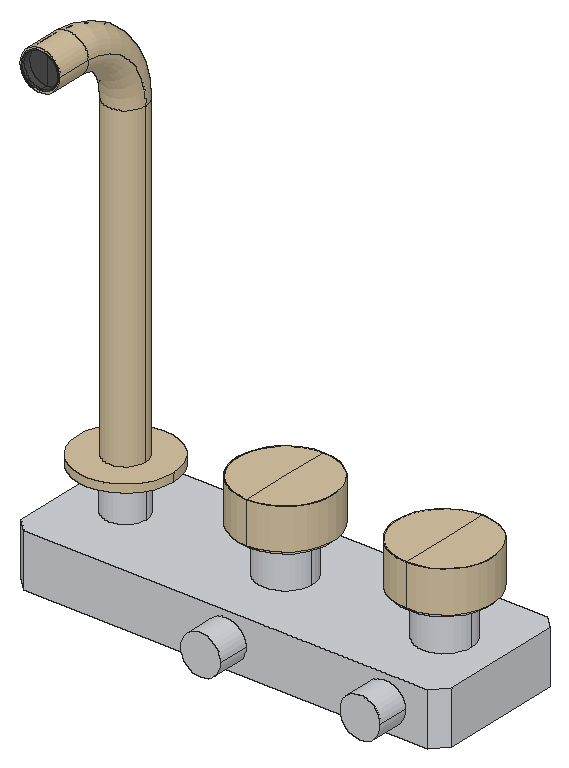
Revit family "Reece_Tap_Milli_Pure_Basin Tap Hostess System_250 mm_Linear Texture", category Plumbing Fixtures, host Face, Revit 2018
Family settings
  Host = Face
  Round Connector Dimension = Use Diameter
  Part Type = Normal
  Cut with Voids When Loaded = No
  Shared = Yes
  Room Calculation Point = Yes
Parameters (values of type "PVD Brushed Gold")
  WFU = 0  # constant formula
  URL = "https://www.reece.com.au/product/-9510880"
  Type Comments = "Tap"
  Reece_Tap_Reach = 250 mm  # constant formula
  Reece_Tap_Inlet = 15 mm  # constant formula
  Reece_Product_Web Page = "https://www.reece.com.au/product/-9510880"
  Reece_Product_Type = "Tap"  # constant formula
  Reece_Product_Sub Brand = "Pure"  # constant formula
  Reece_Product_Number = "9510880"
  Reece_Product_Mount = "Wall Mounted"
  Reece_Product_Description = "Milli Pure Wall Basin Hostess System 250mm Right Hand with Linear Textured Handles PVD Brushed Gold (3 Star)"
  Reece_Product_Brand = "Milli"  # constant formula
  Reece_Overall_Length = 262.5 mm  # constant formula
  Reece_Material_Secondary = Reece_PVD_Brushed Gold_Linear Pattern
  Reece_Material_Main = Reece_PVD_Brushed Gold
  Reece_Detail_Tap_Handle Texture = "Linear Texture\r\n"  # constant formula
  Reece_Detail_Installation = ""
  Reece_Detail_Disclaimer = "THIS FILE IS THE PROPERTY OF THE REECE GROUP. IT MAY NOT BE REPRODUCED, REVERSE-ENGINEERED OR MODIFIED. ANY REPUBLICATION, TRANSMISSION OR DISTRIBUTION FOR THE PURPOSE OF COMMERCIALLY EXPLOITING THE FILES IS PROHIBITED."  # constant formula
  Reece_Detail_Connector = ""
  Reece_Detail_Additional = "Basin Tap Hostess System\r\n"  # constant formula
  Reece_3D Texture = no
  Reece_3D Simplified Geometry = not(Reece_3D Texture)  # yes
  Model = "Pure"
  Manufacturer = "Milli"
  Keynote = "Product #9510880, Reece_Tap_Milli_Pure_Basin Tap Hostess System_250 mm_Linear Texture - PVD Brushed Gold"
  HWFU = 0  # constant formula
  Disclaimer = "THIS FILE IS THE PROPERTY OF THE REECE GROUP. IT MAY NOT BE REPRODUCED, REVERSE-ENGINEERED OR MODIFIED. ANY REPUBLICATION, TRANSMISSION OR DISTRIBUTION FOR THE PURPOSE OF COMMERCIALLY EXPLOITING THE FILES IS PROHIBITED."  # constant formula
  Description = "Milli Pure Wall Basin Hostess System 250mm Right Hand with Linear Textured Handles PVD Brushed Gold (3 Star)"
  Default Elevation = 1000 mm
  CWFU = 0  # constant formula
Types (6, lengths in mm): name | URL | Reece_Product_Web Page | Reece_Product_Number | Reece_Product_Description | Reece_Material_Secondary | Reece_Material_Main | Keynote | Description
  Brushed Gunmetal | "https://www.reece.com.au/product/-2224876" | "https://www.reece.com.au/product/-2224876" | "2224876" | "Milli Pure Wall Basin Hostess System 250mm Right Hand with Linear Textured Handles Brushed Gunmetal (3 Star)" | Reece_Brass_Brushed Gunmetal_Linear Pattern | Reece_Brass_Brushed Gunmetal | "Product #2224876, Reece_Tap_Milli_Pure_Basin Tap Hostess System_250 mm_Linear Texture - Brushed Gunmetal" | "Milli Pure Progressive Wall Basin Mixer Tap System 250mm with Linear Textured Handle Brushed Gunmetal (3 star)"
  Chrome | "https://www.reece.com.au/product/-2224874" | "https://www.reece.com.au/product/-2224874" | "2224874" | "Milli Pure Wall Basin Hostess System 250mm Right Hand with Linear Textured Handles Chrome (3 Star)" | Reece_Brass_Chrome_Linear Pattern | Reece_Brass_Chrome | "Product #2224874, Reece_Tap_Milli_Pure_Basin Tap Hostess System_250 mm_Linear Texture - Chrome" | "Milli Pure Progressive Wall Basin Mixer Tap System 250mm with Linear Textured Handle Chrome (3 star)"
  Matte Black | "https://www.reece.com.au/product/-2224877" | "https://www.reece.com.au/product/-2224877" | "2224877" | "Milli Pure Wall Basin Hostess System 250mm Right Hand with Linear Textured Handles Matte Black (3 Star)" | Reece_Brass_Matte Black_Linear Pattern | Reece_Brass_Matte Black | "Product #2224877, Reece_Tap_Milli_Pure_Basin Tap Hostess System_250 mm_Linear Texture - Matte Black" | "Milli Pure Progressive Wall Basin Mixer Tap System 250mm with Linear Textured Handle Matte Black (3 star)"
  Brushed Nickel | "https://www.reece.com.au/product/-2224875" | "https://www.reece.com.au/product/-2224875" | "2224875" | "Milli Pure Wall Basin Hostess System 250mm Right Hand with Linear Textured Handles Brushed Nickel (3 Star)" | Reece_Brass_Brushed Nickel_Linear Pattern | Reece_Brass_Brushed Nickel | "Product #2224875, Reece_Tap_Milli_Pure_Basin Tap Hostess System_250 mm_Linear Texture - Brushed Nickel" | "Milli Pure Progressive Wall Basin Mixer Tap System 250mm with Linear Textured Handle Brushed Nickel (3 star)"
  PVD Brushed Bronze | "https://www.reece.com.au/product/-9511065" | "https://www.reece.com.au/product/-9511065" | "9511065" | "Milli Pure Wall Basin Hostess System 250mm Right Hand with Linear Textured Handles PVD Brushed Bronze (3 Star)" | Reece_PVD_Brushed Bronze_Linear Pattern | Reece_PVD_Brushed Bronze | "Product #9511065, Reece_Tap_Milli_Pure_Basin Tap Hostess System_250 mm_Linear Texture - PVD Brushed Bronze" | "Milli Pure Wall Basin Hostess System 250mm Right Hand with Linear Textured Handles PVD Brushed Bronze (3 Star)"
  PVD Brushed Gold | "https://www.reece.com.au/product/-9510880" | "https://www.reece.com.au/product/-9510880" | "9510880" | "Milli Pure Wall Basin Hostess System 250mm Right Hand with Linear Textured Handles PVD Brushed Gold (3 Star)" | Reece_PVD_Brushed Gold_Linear Pattern | Reece_PVD_Brushed Gold | "Product #9510880, Reece_Tap_Milli_Pure_Basin Tap Hostess System_250 mm_Linear Texture - PVD Brushed Gold" | "Milli Pure Wall Basin Hostess System 250mm Right Hand with Linear Textured Handles PVD Brushed Gold (3 Star)"
Reference planes
  plane 1 "Center (Front/Back)": y = 0
  plane 2 "Bottom": z = 0
  plane 3 "Center (Left/Right)": x = 0
  plane 4 "Top": z = 262.5
  plane 5: z = 250
  plane 6: y = -67
  plane 7: x = -100
  plane 8: x = 100
Forms (mm)
  Extrusion 1, solid, material "Reece_PVD_Brushed Gold" <- "Reece_Material_Main"
    sketch origin (-50, 0, 0) x (1, 0, 0) y (0, 1, 0)
      loop
        circle (-50, 0) r 30
    from 0 to 5
  Sweep 2, solid, material "Reece_PVD_Brushed Gold" <- "Reece_Material_Main"
    path origin (0, 0, 0) x (0, 1, 0) y (0, 0, 1)
      loop
        line (-67, 250) -> (-45, 250)
        arc (-45, 250) -> (-13.18, 236.82) -> (0, 205) r 45
        line (0, 205) -> (0, 0)
    profile origin (0, 0, 102.5) x (1, 0, 0) y (0, 1, 0)
      loop
        circle (-100, 0) r 12.5
      loop
        circle (-100, 0) r 11.5
  Revolve 3, solid, material "Reece_Brass_Matte Black"
    sketch origin (-100, -183.21, 118.488) x (0, 0.572951, -0.81959) y (0, 0.81959, 0.572951)
      loop
        line (-38.39, 174.619) -> (-37.119, 176.437) -> (-46.38, 182.911) -> (-50.465, 177.068) -> (-49.461, 177.508) -> (-47.184, 180.766) -> (-38.39, 174.619)
      axis (-37.119, 176.437) -> (-41.203, 170.594)
    angle from 0 to 360
  Extrusion 4, solid
    sketch origin (-50, 0, 0) x (1, 0, 0) y (0, 1, 0)
      loop
        circle (50, 0) r 17
    from 0 to -27
  Extrusion 5, solid
    sketch origin (0, 0, 0) x (1, 0, 0) y (0, 1, 0)
      loop
        line (-126.853, 46.5) -> (-135, 38.353) -> (-135, -38.353) -> (-126.853, -46.5) -> (126.853, -46.5) -> (135, -38.353) -> (135, 38.353) -> (126.853, 46.5) -> (-126.853, 46.5)
    from -60 to -27
  Extrusion 6, solid
    sketch origin (-150, 0, 0) x (1, 0, 0) y (0, 1, 0)
      loop
        circle (50, 0) r 13
    from 0 to -27
  Extrusion 7, solid
    sketch origin (50, 0, -3.5) x (-1, 0, 0) y (0, 0, 1)
      loop
        circle (50, -40) r 12.5
    from -66.119 to -46.5
  Extrusion 8, solid
    sketch origin (150, 0, -3.5) x (-1, 0, 0) y (0, 0, 1)
      loop
        circle (50, -40) r 12.5
    from -66.119 to -46.5
  Extrusion 9, void
    sketch origin (-150, 0, 0) x (1, 0, 0) y (0, 1, 0)
      loop
        circle (50, 0) r 17
    from 0 to -30
  Extrusion 10, void
    sketch origin (50, 0, 0) x (-1, 0, 0) y (0, -1, 0)
      loop
        circle (50, 0) r 20
    from 0 to -27
  Extrusion 11, void
    sketch origin (150, 0, 0) x (-1, 0, 0) y (0, -1, 0)
      loop
        circle (50, 0) r 20
    from 0 to -27
  Extrusion 12, solid
    sketch origin (50, 0, 0) x (1, 0, 0) y (0, 1, 0)
      loop
        circle (50, 0) r 17
    from 0 to -27
Cuts and joins
  Extrusion 10 cuts Extrusion 1
  Extrusion 10 cuts Sweep 2
  joined: Extrusion 1, Sweep 2
  Extrusion 11 cuts Extrusion 4
  Extrusion 11 cuts Extrusion 5
  Extrusion 10, Extrusion 11 cuts Extrusion 6
  Extrusion 10, Extrusion 11 cuts Extrusion 7
  Extrusion 10, Extrusion 11 cuts Extrusion 8
  joined: Extrusion 4, Extrusion 5, Extrusion 6, Extrusion 7, Extrusion 8, Extrusion 12
Text (mm)
  text "Reece Copyright © 2018, Reece Ltd." at (-1199.434, -252.958, 0), in view "Ref. Level"
  text "Reece ©" at (44.384, 258.95, 192.345), in view "Reece Preview"
Dimensions and locks
  "Reece_Tap_Reach": plane 5 to plane 2 "Bottom"
  plane 1 "Center (Front/Back)" to plane 6 = 67 mm
  locked: plane 4 "Top" to plane 5 at 12.5
  "Reece_Overall_Length": plane 4 "Top" to plane 2 "Bottom"
  plane 7 to plane 3 "Center (Left/Right)" to plane 8 = 100 mm, 100 mm
  aligned and locked: plane 2 "Bottom" to host face
  aligned and locked: level to host face
  aligned and locked: host face to Extrusion 9
Automatic sketch dimensions
  host sketch curve to host sketch curve = 380.785 mm
  host sketch curve to host sketch curve = 317.421 mm
  plane 1 "Center (Front/Back)" to Extrusion 1 sketch curve = 0 mm
  Extrusion 1 sketch curve to plane 7 = 0 mm
  Sweep 2 sketch curve to plane 5 = 0 mm
  Sweep 2 sketch curve to plane 6 = 0 mm
  level to Sweep 2 sketch curve = 0 mm
  Sweep 2 sketch curve to plane 1 "Center (Front/Back)" = 0 mm
  Sweep 2 sketch curve to plane 6 = 22 mm
  Sweep 2 sketch curve to Sweep 2 sketch curve = 0 mm  (x2)
  profile plane to Sweep 2 sketch curve = 0 mm
  Sweep 2 sketch curve to plane 3 "Center (Left/Right)" = 100 mm
  Revolve 3 sketch curve to plane 5 = 0 mm  (x4)
  Revolve 3 sketch curve to plane 6 = 0 mm
  Revolve 3 sketch curve to plane 4 "Top" = 1.2 mm
  Revolve 3 sketch curve to Revolve 3 sketch curve = 1.003 mm
  Revolve 3 sketch curve to Revolve 3 sketch curve = 2.278 mm
  Revolve 3 sketch curve to Revolve 3 sketch curve = 0.803 mm
  Revolve 3 sketch curve to Revolve 3 sketch curve = 1.271 mm
  Revolve 3 sketch curve to Revolve 3 sketch curve = 17.422 mm
  Revolve 3 sketch curve to Revolve 3 sketch curve = 3.892 mm
  Extrusion 4 sketch curve to Extrusion 4 sketch curve = 0 mm  (x2)
  plane 1 "Center (Front/Back)" to Extrusion 4 sketch curve = 0 mm
  Extrusion 4 sketch curve to plane 3 "Center (Left/Right)" = 0 mm
  Extrusion 4 sketch curve to Extrusion 4 sketch curve = 17 mm
  Extrusion 5 sketch curve to plane 7 = 35 mm
  Extrusion 5 sketch curve to Extrusion 5 sketch curve = 8.147 mm  (x6)
  Extrusion 5 sketch curve to plane 8 = 26.853 mm  (x2)
  Extrusion 5 sketch curve to plane 6 = 20.5 mm
  Extrusion 5 sketch curve to plane 1 "Center (Front/Back)" = 38.353 mm  (x2)
  Extrusion 6 sketch curve to Extrusion 6 sketch curve = 0 mm  (x2)
  plane 1 "Center (Front/Back)" to Extrusion 6 sketch curve = 0 mm
  Extrusion 6 sketch curve to plane 7 = 0 mm
  Extrusion 6 sketch curve to Extrusion 6 sketch curve = 13 mm
  Extrusion 7 sketch curve to plane 3 "Center (Left/Right)" = 0 mm
  Extrusion 7 sketch curve to level = 43.5 mm
  Extrusion 8 sketch curve to plane 8 = 0 mm
  Extrusion 8 sketch curve to level = 43.5 mm
  Extrusion 9 sketch curve to Extrusion 9 sketch curve = 0 mm  (x2)
  plane 1 "Center (Front/Back)" to Extrusion 9 sketch curve = 0 mm
  Extrusion 9 sketch curve to plane 7 = 0 mm
  Extrusion 9 sketch curve to Extrusion 9 sketch curve = 17 mm
  Extrusion 10 sketch curve to Extrusion 10 sketch curve = 0 mm  (x2)
  plane 1 "Center (Front/Back)" to Extrusion 10 sketch curve = 0 mm
  Extrusion 10 sketch curve to plane 3 "Center (Left/Right)" = 0 mm
  Extrusion 10 sketch curve to Extrusion 10 sketch curve = 20 mm
  Extrusion 11 sketch curve to Extrusion 11 sketch curve = 0 mm  (x2)
  plane 1 "Center (Front/Back)" to Extrusion 11 sketch curve = 0 mm
  Extrusion 11 sketch curve to plane 8 = 0 mm
  Extrusion 11 sketch curve to Extrusion 11 sketch curve = 20 mm
  Extrusion 12 sketch curve to Extrusion 12 sketch curve = 0 mm  (x2)
  plane 1 "Center (Front/Back)" to Extrusion 12 sketch curve = 0 mm
  Extrusion 12 sketch curve to plane 8 = 0 mm
  Extrusion 12 sketch curve to Extrusion 12 sketch curve = 17 mm
  radius of Extrusion 1 sketch curve = 30 mm
  radius of Sweep 2 sketch curve = 12.5 mm
  radius of Sweep 2 sketch curve = 11.5 mm
  radius of Extrusion 7 sketch curve = 12.5 mm
  radius of Extrusion 8 sketch curve = 12.5 mm
Nested families
  nested 1: "Reece_Tap_Milli_Pure_Cap_Linear Texture_60mm x 28mm_3D" at (0, 0, 0), visible <- "Reece_3D Texture", Reece_Material_Main <- "Reece_Material_Main", Reece_Material_Secondary <- "Reece_Material_Secondary", type "60mm x 28mm"
    with Reece_Material_Secondary Reece_PVD_Brushed Gold_Linear Pattern, Reece_Material_Main Reece_PVD_Brushed Gold
  nested 2: "Reece_Tap_Milli_Pure_Cap_Main_2D" at (0, 0, 0), visible <- "Reece_3D Simplified Geometry", Reece_Material_Main <- "Reece_Material_Main", Reece_Material_Secondary <- "Reece_Material_Secondary", type "60mm x 28mm"
    with Reece_Material_Secondary Reece_PVD_Brushed Gold_Linear Pattern, Reece_Material_Main Reece_PVD_Brushed Gold
  nested 3: "Reece_Tap_Milli_Pure_Cap_Linear Texture_60mm x 28mm_3D" at (100, 0, 0), visible <- "Reece_3D Texture", Reece_Material_Main <- "Reece_Material_Main", Reece_Material_Secondary <- "Reece_Material_Secondary", type "60mm x 28mm"
    with Reece_Material_Secondary Reece_PVD_Brushed Gold_Linear Pattern, Reece_Material_Main Reece_PVD_Brushed Gold
  nested 4: "Reece_Tap_Milli_Pure_Cap_Main_2D" at (100, 0, 0), visible <- "Reece_3D Simplified Geometry", Reece_Material_Main <- "Reece_Material_Main", Reece_Material_Secondary <- "Reece_Material_Secondary", type "60mm x 28mm"
    with Reece_Material_Secondary Reece_PVD_Brushed Gold_Linear Pattern, Reece_Material_Main Reece_PVD_Brushed Gold
Connectors
  piping at (0, -66.119, -43.5), diameter 15, driven by "Reece_Tap_Inlet"
    settings: on cut or joined group 1 (Extrusion 4, Extrusion 5, Extrusion 6, Extrusion 7, Extrusion 8, Extrusion 10, Extrusion 11, Extrusion 12), index 1, connector inside diameter 609.6 mm, connector length 0 mm, flow factor 0, pipe flow 0.0 L/s, pressure drop 0.0 Pa, fitting loss kfactor 0, connector angle 0.00°, fixture units 0, engagement length 0 mm, angle of deflection 0.00°, flow configuration 0, flow direction 1, fitting loss method 0, system type 29, joint type 0, gender type 0, connector reference index -1, connector utility 0, adjustable connector no, is connector primary yes, connector description ""
  piping at (100, -66.119, -43.5), diameter 15, driven by "Reece_Tap_Inlet"
    settings: on cut or joined group 1, index 2, connector inside diameter 609.6 mm, connector length 0 mm, flow factor 0, pipe flow 0.0 L/s, pressure drop 0.0 Pa, fitting loss kfactor 0, connector angle 0.00°, fixture units 0, engagement length 0 mm, angle of deflection 0.00°, flow configuration 0, flow direction 1, fitting loss method 0, system type 29, joint type 0, gender type 0, connector reference index -1, connector utility 0, adjustable connector no, is connector primary no, connector description ""
Definition of nested family "Reece_Tap_Milli_Pure_Cap_Linear Texture_60mm x 28mm_3D"
  Parameters (values of type "60mm x 28mm")
    WFU = 0  # constant formula
    Reece_Tap_Inlet = 0 mm
    Reece_Overall_Length = 60 mm
    Reece_Overall_Height = 28 mm
    Reece_Material_Secondary [instance] = none
    Reece_Material_Main [instance] = none
    Reece_Detail_Installation = ""
    Reece_Detail_Connector = ""
    Reece_Detail_Additional = ""
    HWFU = 0  # constant formula
    Default Elevation = 1000 mm
    CWFU = 0  # constant formula
  Reference planes
    plane 1 "Center (Front/Back)": y = 0
    plane 2 "Bottom": z = 0
    plane 3 "Center (Left/Right)": x = 0
    plane 4: z = 28
    plane 5: y = -30
    plane 6: y = 30
  Forms (mm)
    Extrusion 1, solid
      sketch origin (619.2, -619.2, 0) x (1, 0, 0) y (0, 1, 0)
        loop
          line (-809.2, 779.2) -> (-809.2, 461.779) -> (-428.415, 461.779) -> (-428.415, 779.2) -> (-809.2, 779.2)
      from 0 to -9.564
    Revolve 2, solid, material <- "Reece_Material_Main"
      sketch origin (0, 0, -140.292) x (0, 1, 0) y (0, 0, 1)
        loop
          line (0, 148.292) -> (-30, 148.292) -> (-30, 142.292) -> (-27.915, 142.292) -> (-27.915, 140.292) -> (-25.915, 140.292) -> (-25.915, 144.803) -> (0, 144.803) -> (0, 148.292)
        axis (0, 140.292) -> (0, 148.292)
      angle from 0 to 360
    Extrusion 3, solid, material <- "Reece_Material_Main"
      sketch origin (300, 0, 0) x (1, 0, 0) y (0, 1, 0)
        loop
          arc (-296.155, 28.799) -> (-297.018, 29.853) -> (-298.073, 28.991) r 0.964
          arc (-298.073, 28.991) -> (-298.726, 29.95) -> (-299.664, 29.266) r 0.808
          arc (-299.664, 29.266) -> (-300.6, 29.978) -> (-301.291, 29.026) r 0.823
          arc (-301.291, 29.026) -> (-302.327, 29.911) -> (-303.213, 28.877) r 0.964
          arc (-303.213, 28.877) -> (-304.305, 29.691) -> (-305.121, 28.6) r 0.964
          arc (-305.121, 28.6) -> (-306.265, 29.34) -> (-307.007, 28.197) r 0.964
          arc (-307.007, 28.197) -> (-308.197, 28.86) -> (-308.861, 27.671) r 0.964
          arc (-308.861, 27.671) -> (-310.093, 28.253) -> (-310.677, 27.022) r 0.964
          arc (-310.677, 27.022) -> (-311.945, 27.522) -> (-312.445, 26.254) r 0.964
          arc (-312.445, 26.254) -> (-313.743, 26.669) -> (-314.159, 25.371) r 0.964
          arc (-314.159, 25.371) -> (-315.482, 25.699) -> (-315.811, 24.376) r 0.964
          arc (-315.811, 24.376) -> (-317.152, 24.615) -> (-317.393, 23.274) r 0.964
          arc (-317.393, 23.274) -> (-318.747, 23.423) -> (-318.898, 22.069) r 0.964
          arc (-318.898, 22.069) -> (-320.259, 22.129) -> (-320.32, 20.767) r 0.964
          arc (-320.32, 20.767) -> (-321.682, 20.736) -> (-321.652, 19.374) r 0.964
          arc (-321.652, 19.374) -> (-323.01, 19.253) -> (-322.89, 17.895) r 0.964
          arc (-322.89, 17.895) -> (-324.236, 17.684) -> (-324.026, 16.338) r 0.964
          arc (-324.026, 16.338) -> (-325.355, 16.038) -> (-325.057, 14.708) r 0.964
          arc (-325.057, 14.708) -> (-326.363, 14.321) -> (-325.977, 13.014) r 0.964
          arc (-325.977, 13.014) -> (-327.255, 12.541) -> (-326.783, 11.263) r 0.964
          arc (-326.783, 11.263) -> (-328.027, 10.706) -> (-327.471, 9.462) r 0.964
          arc (-327.471, 9.462) -> (-328.675, 8.824) -> (-328.038, 7.619) r 0.964
          arc (-328.038, 7.619) -> (-329.197, 6.902) -> (-328.482, 5.743) r 0.964
          arc (-328.482, 5.743) -> (-329.59, 4.951) -> (-328.8, 3.841) r 0.964
          arc (-328.8, 3.841) -> (-329.854, 2.978) -> (-328.991, 1.923) r 0.964
          arc (-328.991, 1.923) -> (-329.985, 0.991) -> (-329.055, -0.004) r 0.964
          arc (-329.055, -0.004) -> (-329.985, -1) -> (-328.991, -1.931) r 0.964
          arc (-328.991, -1.931) -> (-329.853, -2.986) -> (-328.799, -3.85) r 0.964
          arc (-328.799, -3.85) -> (-329.589, -4.96) -> (-328.48, -5.751) r 0.964
          arc (-328.48, -5.751) -> (-329.195, -6.911) -> (-328.036, -7.627) r 0.964
          arc (-328.036, -7.627) -> (-328.672, -8.832) -> (-327.468, -9.47) r 0.964
          arc (-327.468, -9.47) -> (-328.023, -10.714) -> (-326.78, -11.271) r 0.964
          arc (-326.78, -11.271) -> (-327.251, -12.549) -> (-325.973, -13.022) r 0.964
          arc (-325.973, -13.022) -> (-326.359, -14.329) -> (-325.052, -14.716) r 0.964
          arc (-325.052, -14.716) -> (-325.351, -16.045) -> (-324.021, -16.345) r 0.964
          arc (-324.021, -16.345) -> (-324.231, -17.691) -> (-322.884, -17.902) r 0.964
          arc (-322.884, -17.902) -> (-323.004, -19.259) -> (-321.647, -19.38) r 0.964
          arc (-321.647, -19.38) -> (-321.676, -20.743) -> (-320.314, -20.773) r 0.964
          arc (-320.314, -20.773) -> (-320.253, -22.135) -> (-318.891, -22.075) r 0.964
          arc (-318.891, -22.075) -> (-318.74, -23.429) -> (-317.386, -23.279) r 0.964
          arc (-317.386, -23.279) -> (-317.145, -24.62) -> (-315.804, -24.381) r 0.964
          arc (-315.804, -24.381) -> (-315.474, -25.703) -> (-314.152, -25.375) r 0.964
          arc (-314.152, -25.375) -> (-313.736, -26.673) -> (-312.438, -26.258) r 0.964
          arc (-312.438, -26.258) -> (-311.936, -27.525) -> (-310.669, -27.025) r 0.964
          arc (-310.669, -27.025) -> (-310.085, -28.256) -> (-308.853, -27.673) r 0.964
          arc (-308.853, -27.673) -> (-308.189, -28.863) -> (-306.998, -28.199) r 0.964
          arc (-306.998, -28.199) -> (-306.256, -29.342) -> (-305.113, -28.601) r 0.964
          arc (-305.113, -28.601) -> (-304.297, -29.693) -> (-303.205, -28.878) r 0.964
          arc (-303.205, -28.878) -> (-302.318, -29.912) -> (-301.282, -29.026) r 0.964
          arc (-301.282, -29.026) -> (-300.329, -30) -> (-299.354, -29.048) r 0.964
          arc (-299.354, -29.048) -> (-298.339, -29.956) -> (-297.429, -28.941) r 0.964
          arc (-297.429, -28.941) -> (-296.356, -29.78) -> (-295.516, -28.707) r 0.964
          arc (-295.516, -28.707) -> (-294.389, -29.472) -> (-293.622, -28.346) r 0.964
          arc (-293.622, -28.346) -> (-292.446, -29.035) -> (-291.756, -27.861) r 0.964
          arc (-291.756, -27.861) -> (-290.537, -28.47) -> (-289.926, -27.252) r 0.964
          arc (-289.926, -27.252) -> (-288.67, -27.78) -> (-288.141, -26.524) r 0.964
          arc (-288.141, -26.524) -> (-286.852, -26.968) -> (-286.408, -25.679) r 0.964
          arc (-286.408, -25.679) -> (-285.093, -26.036) -> (-284.735, -24.722) r 0.964
          arc (-284.735, -24.722) -> (-283.399, -24.99) -> (-283.129, -23.655) r 0.964
          arc (-283.129, -23.655) -> (-281.778, -23.834) -> (-281.597, -22.484) r 0.964
          arc (-281.597, -22.484) -> (-280.238, -22.573) -> (-280.147, -21.214) r 0.964
          arc (-280.147, -21.214) -> (-278.784, -21.213) -> (-278.783, -19.85) r 0.964
          arc (-278.783, -19.85) -> (-277.424, -19.759) -> (-277.514, -18.399) r 0.964
          arc (-277.514, -18.399) -> (-276.163, -18.218) -> (-276.343, -16.868) r 0.964
          arc (-276.343, -16.868) -> (-275.007, -16.597) -> (-275.276, -15.262) r 0.964
          arc (-275.276, -15.262) -> (-273.962, -14.903) -> (-274.319, -13.588) r 0.964
          arc (-274.319, -13.588) -> (-273.03, -13.144) -> (-273.474, -11.855) r 0.964
          arc (-273.474, -11.855) -> (-272.218, -11.326) -> (-272.746, -10.07) r 0.964
          arc (-272.746, -10.07) -> (-271.528, -9.459) -> (-272.138, -8.24) r 0.964
          arc (-272.138, -8.24) -> (-270.964, -7.549) -> (-271.653, -6.374) r 0.964
          arc (-271.653, -6.374) -> (-270.527, -5.607) -> (-271.293, -4.48) r 0.964
          arc (-271.293, -4.48) -> (-270.22, -3.64) -> (-271.059, -2.566) r 0.964
          arc (-271.059, -2.566) -> (-270.044, -1.657) -> (-270.952, -0.641) r 0.964
          arc (-270.952, -0.641) -> (-270, 0.333) -> (-270.974, 1.287) r 0.964
          arc (-270.974, 1.287) -> (-270.088, 2.322) -> (-271.123, 3.209) r 0.964
          arc (-271.123, 3.209) -> (-270.308, 4.301) -> (-271.399, 5.117) r 0.964
          arc (-271.399, 5.117) -> (-270.659, 6.261) -> (-271.802, 7.002) r 0.964
          arc (-271.802, 7.002) -> (-271.138, 8.193) -> (-272.328, 8.857) r 0.964
          arc (-272.328, 8.857) -> (-271.745, 10.089) -> (-272.977, 10.673) r 0.964
          arc (-272.977, 10.673) -> (-272.477, 11.941) -> (-273.744, 12.442) r 0.964
          arc (-273.744, 12.442) -> (-273.329, 13.74) -> (-274.627, 14.156) r 0.964
          arc (-274.627, 14.156) -> (-274.299, 15.478) -> (-275.621, 15.807) r 0.964
          arc (-275.621, 15.807) -> (-275.382, 17.149) -> (-276.723, 17.389) r 0.964
          arc (-276.723, 17.389) -> (-276.574, 18.744) -> (-277.928, 18.895) r 0.964
          arc (-277.928, 18.895) -> (-277.868, 20.256) -> (-279.23, 20.317) r 0.964
          arc (-279.23, 20.317) -> (-279.261, 21.679) -> (-280.623, 21.65) r 0.964
          arc (-280.623, 21.65) -> (-280.744, 23.007) -> (-282.101, 22.887) r 0.964
          arc (-282.101, 22.887) -> (-282.312, 24.233) -> (-283.659, 24.024) r 0.964
          arc (-283.659, 24.024) -> (-283.958, 25.353) -> (-285.288, 25.055) r 0.964
          arc (-285.288, 25.055) -> (-285.675, 26.361) -> (-286.982, 25.975) r 0.964
          arc (-286.982, 25.975) -> (-287.455, 27.253) -> (-288.733, 26.781) r 0.964
          arc (-288.733, 26.781) -> (-289.29, 28.025) -> (-290.534, 27.47) r 0.964
          arc (-290.534, 27.47) -> (-291.172, 28.674) -> (-292.377, 28.037) r 0.964
          arc (-292.377, 28.037) -> (-293.093, 29.196) -> (-294.253, 28.481) r 0.964
          arc (-294.253, 28.481) -> (-295.045, 29.59) -> (-296.155, 28.799) r 0.964
      from 8 to 28
  Text (mm)
    text "Reece Copyright © 2018, Reece Ltd." at (-1403.988, -1192.393, 0), in view "Ref. Level"
    text "Reece ©" at (44.384, 258.95, 192.345), in view "Reece Preview"
  Dimensions and locks
    "Reece_Overall_Height": plane 4 to plane 2 "Bottom"
    "Reece_Overall_Length": plane 5 to plane 6
    equal spacing: plane 6, plane 1 "Center (Front/Back)", plane 5
    aligned and locked: plane 2 "Bottom" to Extrusion 1
    aligned and locked: level to Extrusion 1
    aligned and locked: plane 4 to Extrusion 3
  Automatic sketch dimensions
    Extrusion 1 sketch curve to Extrusion 1 sketch curve = 380.785 mm
    Extrusion 1 sketch curve to Extrusion 1 sketch curve = 317.421 mm
    level to Revolve 2 sketch curve = 0 mm
    Revolve 2 sketch curve to plane 1 "Center (Front/Back)" = 0 mm  (x2)
    level to Revolve 2 sketch curve = 2 mm
    level to Revolve 2 sketch curve = 4.511 mm
    Revolve 2 sketch curve to Revolve 2 sketch curve = 3.489 mm
    plane 4 to Revolve 2 sketch curve = 17.996 mm
    Revolve 2 sketch curve to Revolve 2 sketch curve = 3.712 mm
    Revolve 2 sketch curve to plane 5 = 0 mm
    Extrusion 3 sketch curve to plane 1 "Center (Front/Back)" = 0.959 mm
    Extrusion 3 sketch curve to plane 3 "Center (Left/Right)" = 29.022 mm
    plane 1 "Center (Front/Back)" to Extrusion 3 sketch curve = 0.968 mm
    Extrusion 3 sketch curve to Extrusion 3 sketch curve = 0 mm
    Extrusion 3 sketch curve to Extrusion 3 sketch curve = 0.128 mm  (x2)
    Extrusion 3 sketch curve to Extrusion 3 sketch curve = 0.255 mm  (x2)
    Extrusion 3 sketch curve to Extrusion 3 sketch curve = 0.381 mm  (x2)
    Extrusion 3 sketch curve to Extrusion 3 sketch curve = 0.505 mm
    Extrusion 3 sketch curve to Extrusion 3 sketch curve = 0.506 mm
    Extrusion 3 sketch curve to Extrusion 3 sketch curve = 0.627 mm
    Extrusion 3 sketch curve to Extrusion 3 sketch curve = 0.628 mm  (x2)
    Extrusion 3 sketch curve to Extrusion 3 sketch curve = 0.747 mm  (x3)
    Extrusion 3 sketch curve to Extrusion 3 sketch curve = 0.863 mm  (x2)
    Extrusion 3 sketch curve to Extrusion 3 sketch curve = 0.864 mm
    Extrusion 3 sketch curve to Extrusion 3 sketch curve = 0.975 mm
    Extrusion 3 sketch curve to Extrusion 3 sketch curve = 0.976 mm  (x2)
    Extrusion 3 sketch curve to Extrusion 3 sketch curve = 1.084 mm  (x3)
    Extrusion 3 sketch curve to Extrusion 3 sketch curve = 1.187 mm  (x3)
    Extrusion 3 sketch curve to Extrusion 3 sketch curve = 1.285 mm  (x3)
    Extrusion 3 sketch curve to Extrusion 3 sketch curve = 1.377 mm  (x2)
    Extrusion 3 sketch curve to Extrusion 3 sketch curve = 1.378 mm
    Extrusion 3 sketch curve to Extrusion 3 sketch curve = 1.464 mm  (x3)
    Extrusion 3 sketch curve to Extrusion 3 sketch curve = 1.544 mm  (x3)
    Extrusion 3 sketch curve to Extrusion 3 sketch curve = 1.617 mm  (x3)
    Extrusion 3 sketch curve to Extrusion 3 sketch curve = 1.683 mm  (x3)
    Extrusion 3 sketch curve to Extrusion 3 sketch curve = 1.741 mm  (x3)
    Extrusion 3 sketch curve to Extrusion 3 sketch curve = 1.792 mm  (x3)
    Extrusion 3 sketch curve to Extrusion 3 sketch curve = 1.835 mm  (x3)
    Extrusion 3 sketch curve to Extrusion 3 sketch curve = 1.87 mm  (x3)
    Extrusion 3 sketch curve to Extrusion 3 sketch curve = 1.897 mm  (x3)
    Extrusion 3 sketch curve to Extrusion 3 sketch curve = 1.915 mm  (x3)
    Extrusion 3 sketch curve to plane 3 "Center (Left/Right)" = 0.48 mm
    Extrusion 3 sketch curve to plane 3 "Center (Left/Right)" = 0.318 mm
    plane 3 "Center (Left/Right)" to Extrusion 3 sketch curve = 1.136 mm
    plane 3 "Center (Left/Right)" to Extrusion 3 sketch curve = 1.608 mm
    Extrusion 3 sketch curve to Extrusion 3 sketch curve = 1.75 mm
    Extrusion 3 sketch curve to Extrusion 3 sketch curve = 1.919 mm  (x2)
    Extrusion 3 sketch curve to Extrusion 3 sketch curve = 1.91 mm  (x2)
    Extrusion 3 sketch curve to Extrusion 3 sketch curve = 1.904 mm  (x2)
    Extrusion 3 sketch curve to Extrusion 3 sketch curve = 1.889 mm  (x3)
    Extrusion 3 sketch curve to Extrusion 3 sketch curve = 1.88 mm  (x2)
    Extrusion 3 sketch curve to Extrusion 3 sketch curve = 1.859 mm  (x3)
    Extrusion 3 sketch curve to Extrusion 3 sketch curve = 1.848 mm  (x2)
    Extrusion 3 sketch curve to Extrusion 3 sketch curve = 1.822 mm  (x3)
    Extrusion 3 sketch curve to Extrusion 3 sketch curve = 1.807 mm  (x2)
    Extrusion 3 sketch curve to Extrusion 3 sketch curve = 1.776 mm  (x3)
    Extrusion 3 sketch curve to Extrusion 3 sketch curve = 1.759 mm  (x2)
    Extrusion 3 sketch curve to Extrusion 3 sketch curve = 1.723 mm  (x3)
    Extrusion 3 sketch curve to Extrusion 3 sketch curve = 1.703 mm  (x2)
    Extrusion 3 sketch curve to Extrusion 3 sketch curve = 1.662 mm  (x2)
    Extrusion 3 sketch curve to Extrusion 3 sketch curve = 1.639 mm
    Extrusion 3 sketch curve to Extrusion 3 sketch curve = 1.593 mm  (x3)
    Extrusion 3 sketch curve to Extrusion 3 sketch curve = 1.569 mm  (x2)
    Extrusion 3 sketch curve to Extrusion 3 sketch curve = 1.518 mm  (x3)
    Extrusion 3 sketch curve to Extrusion 3 sketch curve = 1.491 mm  (x2)
    Extrusion 3 sketch curve to Extrusion 3 sketch curve = 1.436 mm  (x3)
    Extrusion 3 sketch curve to Extrusion 3 sketch curve = 1.407 mm  (x2)
    Extrusion 3 sketch curve to Extrusion 3 sketch curve = 1.347 mm  (x2)
    Extrusion 3 sketch curve to Extrusion 3 sketch curve = 1.316 mm
    Extrusion 3 sketch curve to Extrusion 3 sketch curve = 1.253 mm  (x3)
    Extrusion 3 sketch curve to Extrusion 3 sketch curve = 1.22 mm  (x2)
    Extrusion 3 sketch curve to Extrusion 3 sketch curve = 1.153 mm  (x3)
    Extrusion 3 sketch curve to Extrusion 3 sketch curve = 1.119 mm  (x2)
    Extrusion 3 sketch curve to Extrusion 3 sketch curve = 1.048 mm  (x2)
    Extrusion 3 sketch curve to Extrusion 3 sketch curve = 1.012 mm  (x2)
    Extrusion 3 sketch curve to Extrusion 3 sketch curve = 0.939 mm  (x3)
    Extrusion 3 sketch curve to Extrusion 3 sketch curve = 0.901 mm  (x3)
    Extrusion 3 sketch curve to Extrusion 3 sketch curve = 0.825 mm  (x5)
    Extrusion 3 sketch curve to Extrusion 3 sketch curve = 0.786 mm  (x2)
    Extrusion 3 sketch curve to Extrusion 3 sketch curve = 0.708 mm  (x2)
    Extrusion 3 sketch curve to Extrusion 3 sketch curve = 0.668 mm  (x2)
    Extrusion 3 sketch curve to Extrusion 3 sketch curve = 0.587 mm
    Extrusion 3 sketch curve to Extrusion 3 sketch curve = 0.546 mm
    Extrusion 3 sketch curve to Extrusion 3 sketch curve = 0.464 mm
    Extrusion 3 sketch curve to Extrusion 3 sketch curve = 0.423 mm  (x2)
    Extrusion 3 sketch curve to Extrusion 3 sketch curve = 0.339 mm
    Extrusion 3 sketch curve to Extrusion 3 sketch curve = 0.297 mm
    Extrusion 3 sketch curve to Extrusion 3 sketch curve = 0.213 mm
    plane 1 "Center (Front/Back)" to Extrusion 3 sketch curve = 1.604 mm
    Extrusion 3 sketch curve to Extrusion 3 sketch curve = 0.17 mm
    Extrusion 3 sketch curve to plane 1 "Center (Front/Back)" = 0.323 mm
    Extrusion 3 sketch curve to Extrusion 3 sketch curve = 0.085 mm
    Extrusion 3 sketch curve to Extrusion 3 sketch curve = 1.317 mm
    Extrusion 3 sketch curve to Extrusion 3 sketch curve = 1.64 mm
    Extrusion 3 sketch curve to Extrusion 3 sketch curve = 1.661 mm
    Extrusion 3 sketch curve to Extrusion 3 sketch curve = 1.923 mm  (x2)
    Extrusion 3 sketch curve to Extrusion 3 sketch curve = 1.925 mm
    Extrusion 3 sketch curve to Extrusion 3 sketch curve = 1.348 mm
    Extrusion 3 sketch curve to Extrusion 3 sketch curve = 1.049 mm
    plane 1 "Center (Front/Back)" to Extrusion 3 sketch curve = 0.004 mm
    Extrusion 3 sketch curve to Extrusion 3 sketch curve = 0.033 mm
    Extrusion 3 sketch curve to Extrusion 3 sketch curve = 0.031 mm  (x2)
    Extrusion 3 sketch curve to Extrusion 3 sketch curve = 0.16 mm  (x2)
    Extrusion 3 sketch curve to Extrusion 3 sketch curve = 0.158 mm
    Extrusion 3 sketch curve to Extrusion 3 sketch curve = 0.223 mm
    Extrusion 3 sketch curve to Extrusion 3 sketch curve = 0.221 mm
    Extrusion 3 sketch curve to Extrusion 3 sketch curve = 0.285 mm
    Extrusion 3 sketch curve to Extrusion 3 sketch curve = 0.345 mm
    Extrusion 3 sketch curve to Extrusion 3 sketch curve = 0.283 mm
    Extrusion 3 sketch curve to Extrusion 3 sketch curve = 0.343 mm
    Extrusion 3 sketch curve to Extrusion 3 sketch curve = 0.404 mm
    Extrusion 3 sketch curve to Extrusion 3 sketch curve = 0.402 mm
    Extrusion 3 sketch curve to Extrusion 3 sketch curve = 0.461 mm
    Extrusion 3 sketch curve to Extrusion 3 sketch curve = 0.459 mm
    Extrusion 3 sketch curve to Extrusion 3 sketch curve = 0.516 mm
    Extrusion 3 sketch curve to Extrusion 3 sketch curve = 0.569 mm
    Extrusion 3 sketch curve to Extrusion 3 sketch curve = 0.515 mm
    Extrusion 3 sketch curve to Extrusion 3 sketch curve = 0.567 mm
    Extrusion 3 sketch curve to Extrusion 3 sketch curve = 0.568 mm
    Extrusion 3 sketch curve to Extrusion 3 sketch curve = 0.667 mm
    Extrusion 3 sketch curve to Extrusion 3 sketch curve = 0.618 mm
    Extrusion 3 sketch curve to Extrusion 3 sketch curve = 0.712 mm  (x2)
    Extrusion 3 sketch curve to Extrusion 3 sketch curve = 0.71 mm
    Extrusion 3 sketch curve to Extrusion 3 sketch curve = 0.711 mm
    Extrusion 3 sketch curve to Extrusion 3 sketch curve = 0.791 mm  (x2)
    Extrusion 3 sketch curve to Extrusion 3 sketch curve = 0.752 mm
    Extrusion 3 sketch curve to Extrusion 3 sketch curve = 0.826 mm  (x2)
    Extrusion 3 sketch curve to Extrusion 3 sketch curve = 0.885 mm  (x2)
    Extrusion 3 sketch curve to Extrusion 3 sketch curve = 0.908 mm  (x2)
    Extrusion 3 sketch curve to Extrusion 3 sketch curve = 0.907 mm
    Extrusion 3 sketch curve to Extrusion 3 sketch curve = 0.928 mm
    Extrusion 3 sketch curve to Extrusion 3 sketch curve = 0.914 mm
    Extrusion 3 sketch curve to Extrusion 3 sketch curve = 0.922 mm
    Extrusion 3 sketch curve to Extrusion 3 sketch curve = 0.915 mm
    Extrusion 3 sketch curve to Extrusion 3 sketch curve = 0.893 mm
    Extrusion 3 sketch curve to Extrusion 3 sketch curve = 0.847 mm
    Extrusion 3 sketch curve to Extrusion 3 sketch curve = 0.836 mm
    Extrusion 3 sketch curve to Extrusion 3 sketch curve = 0.814 mm
    Extrusion 3 sketch curve to Extrusion 3 sketch curve = 0.837 mm
    Extrusion 3 sketch curve to Extrusion 3 sketch curve = 0.815 mm
    Extrusion 3 sketch curve to Extrusion 3 sketch curve = 0.765 mm
    Extrusion 3 sketch curve to Extrusion 3 sketch curve = 0.739 mm
    Extrusion 3 sketch curve to Extrusion 3 sketch curve = 0.725 mm
    Extrusion 3 sketch curve to Extrusion 3 sketch curve = 0.696 mm
    Extrusion 3 sketch curve to Extrusion 3 sketch curve = 0.726 mm
    Extrusion 3 sketch curve to Extrusion 3 sketch curve = 0.65 mm
    Extrusion 3 sketch curve to Extrusion 3 sketch curve = 0.682 mm
    Extrusion 3 sketch curve to Extrusion 3 sketch curve = 0.601 mm
    Extrusion 3 sketch curve to Extrusion 3 sketch curve = 0.636 mm
    Extrusion 3 sketch curve to Extrusion 3 sketch curve = 0.603 mm
    Extrusion 3 sketch curve to Extrusion 3 sketch curve = 0.586 mm
    Extrusion 3 sketch curve to Extrusion 3 sketch curve = 0.497 mm
    Extrusion 3 sketch curve to Extrusion 3 sketch curve = 0.534 mm
    Extrusion 3 sketch curve to Extrusion 3 sketch curve = 0.441 mm
    Extrusion 3 sketch curve to Extrusion 3 sketch curve = 0.421 mm
    Extrusion 3 sketch curve to Extrusion 3 sketch curve = 0.442 mm
    Extrusion 3 sketch curve to Extrusion 3 sketch curve = 0.385 mm
    Extrusion 3 sketch curve to Extrusion 3 sketch curve = 0.365 mm
    Extrusion 3 sketch curve to Extrusion 3 sketch curve = 0.325 mm
    Extrusion 3 sketch curve to Extrusion 3 sketch curve = 0.242 mm
    Extrusion 3 sketch curve to Extrusion 3 sketch curve = 0.2 mm
    Extrusion 3 sketch curve to Extrusion 3 sketch curve = 0.244 mm
    Extrusion 3 sketch curve to Extrusion 3 sketch curve = 0.202 mm
    Extrusion 3 sketch curve to Extrusion 3 sketch curve = 0.181 mm
    Extrusion 3 sketch curve to Extrusion 3 sketch curve = 0.074 mm
    Extrusion 3 sketch curve to Extrusion 3 sketch curve = 0.118 mm
    Extrusion 3 sketch curve to Extrusion 3 sketch curve = 0.01 mm
    Extrusion 3 sketch curve to Extrusion 3 sketch curve = 0.323 mm
    Extrusion 3 sketch curve to Extrusion 3 sketch curve = 0.262 mm  (x2)
    plane 6 to Extrusion 3 sketch curve = 1.742 mm
    plane 6 to Extrusion 3 sketch curve = 1.602 mm
    plane 6 to Extrusion 3 sketch curve = 1.361 mm
    plane 6 to Extrusion 3 sketch curve = 1.263 mm
    plane 6 to Extrusion 3 sketch curve = 1.106 mm
    plane 6 to Extrusion 3 sketch curve = 1.05 mm
    plane 6 to Extrusion 3 sketch curve = 0.846 mm
    plane 6 to Extrusion 3 sketch curve = 0.836 mm
    Extrusion 3 sketch curve to Extrusion 3 sketch curve = 0.943 mm  (x3)
    Extrusion 3 sketch curve to Extrusion 3 sketch curve = 0.954 mm  (x3)
    Extrusion 3 sketch curve to Extrusion 3 sketch curve = 0.811 mm
    plane 3 "Center (Left/Right)" to Extrusion 3 sketch curve = 0.336 mm
    Extrusion 3 sketch curve to Extrusion 3 sketch curve = 0.951 mm  (x3)
    Extrusion 3 sketch curve to Extrusion 3 sketch curve = 0.938 mm
    plane 5 to Revolve 2 sketch curve = 2.085 mm
    Revolve 2 sketch curve to Revolve 2 sketch curve = 2 mm
    plane 5 to Extrusion 3 sketch curve = 1.898 mm
    plane 5 to Extrusion 3 sketch curve = 1.601 mm
    plane 5 to Extrusion 3 sketch curve = 1.475 mm
    plane 5 to Extrusion 3 sketch curve = 1.262 mm
    plane 5 to Extrusion 3 sketch curve = 1.177 mm
    plane 5 to Extrusion 3 sketch curve = 1.049 mm
    plane 5 to Extrusion 3 sketch curve = 1.007 mm
    plane 5 to Extrusion 3 sketch curve = 0.964 mm
    Extrusion 3 sketch curve to Extrusion 3 sketch curve = 0.964 mm
    plane 3 "Center (Left/Right)" to Extrusion 3 sketch curve = 0.646 mm
    Extrusion 3 sketch curve to Extrusion 3 sketch curve = 0.957 mm  (x2)
    Extrusion 3 sketch curve to Extrusion 3 sketch curve = 0.933 mm
Definition of nested family "Reece_Tap_Milli_Pure_Cap_Main_2D"
  Parameters (values of type "62mm x 30mm")
    WFU = 0  # constant formula
    Reece_Overall_Width = 62 mm
    Reece_Overall_Height = 30 mm
    Reece_Material_Secondary [instance] = none
    Reece_Material_Main [instance] = none
    Reece_Detail_Installation = ""
    Reece_Detail_Connector = ""
    Reece_Detail_Additional = ""
    HWFU = 0  # constant formula
    Default Elevation = 1000 mm
    CWFU = 0  # constant formula
  Types (4, lengths in mm): name | Reece_Overall_Width | Reece_Overall_Height
    62mm x 30mm | 62 | 30
    60mm x 28mm | 60 | 28
    54mm x 30mm | 54 | 30
    60mm x 26mm | 60 | 26
  Reference planes
    plane 1 "Center (Front/Back)": y = 0
    plane 2 "Bottom": z = 0
    plane 3 "Center (Left/Right)": x = 0
    plane 4: y = -31
    plane 5: y = 31
    plane 6: z = 30
    plane 7: y = -29
    plane 8: y = 29
    plane 9: z = 16
    plane 10: z = 2
  Forms (mm)
    Extrusion 1, solid
      sketch origin (619.2, -619.2, 0) x (1, 0, 0) y (0, 1, 0)
        loop
          line (-809.2, 779.2) -> (-809.2, 461.779) -> (-428.415, 461.779) -> (-428.415, 779.2) -> (-809.2, 779.2)
      from 0 to -9.564
    Revolve 2, solid, material <- "Reece_Material_Secondary"
      sketch origin (0, 50, 0) x (0, -1, 0) y (0, 0, 1)
        loop
          line (50, 0) -> (79, 0) -> (79, 2) -> (81, 2) -> (81, 30) -> (79, 28) -> (50, 28) -> (50, 0)
        axis (50, 0) -> (50, 30)
      angle from 0 to 360
    Revolve 3, solid, material <- "Reece_Material_Main"
      sketch origin (0, 50, 0) x (0, -1, 0) y (0, 0, 1)
        loop
          line (81, 30) -> (50, 30) -> (50, 28) -> (79, 28) -> (81, 30)
        axis (50, 28) -> (50, 30)
      angle from 0 to 360
  Text (mm)
    text "Reece Copyright © 2018, Reece Ltd." at (-1403.988, -1192.393, 0), in view "Ref. Level"
    text "Reece ©" at (44.384, 258.95, 192.345), in view "Reece Preview"
  Dimensions and locks
    equal spacing: plane 5, plane 1 "Center (Front/Back)", plane 4
    "Reece_Overall_Width": plane 5 to plane 4
    "Reece_Overall_Height": plane 6 to plane 2 "Bottom"
    locked: plane 7 to plane 4 at 2
    locked: plane 5 to plane 8 at 2
    equal spacing: plane 6, plane 9, plane 10
    locked: plane 10 to plane 2 "Bottom" at 2
    aligned and locked: plane 2 "Bottom" to Extrusion 1
    aligned and locked: level to Extrusion 1
    aligned and locked: plane 7 to Revolve 2 sketch curve
  Automatic sketch dimensions
    Extrusion 1 sketch curve to Extrusion 1 sketch curve = 380.785 mm
    Extrusion 1 sketch curve to Extrusion 1 sketch curve = 317.421 mm
    Revolve 2 sketch curve to plane 1 "Center (Front/Back)" = 0 mm  (x2)
    Revolve 2 sketch curve to level = 0 mm
    Revolve 2 sketch curve to plane 7 = 0 mm
    Revolve 2 sketch curve to plane 4 = 0 mm
    Revolve 2 sketch curve to plane 6 = 0 mm  (x2)
    level to Revolve 2 sketch curve = 2 mm
    Revolve 2 sketch curve to plane 6 = 2 mm
    Revolve 2 sketch curve to Revolve 2 sketch curve = 10 mm
    Revolve 3 sketch curve to plane 1 "Center (Front/Back)" = 0 mm  (x2)
    Revolve 3 sketch curve to plane 7 = 0 mm
    Revolve 3 sketch curve to plane 4 = 0 mm
    Revolve 3 sketch curve to plane 6 = 0 mm  (x2)
    Revolve 3 sketch curve to plane 6 = 2 mm
    Revolve 3 sketch curve to Revolve 3 sketch curve = 10 mm
